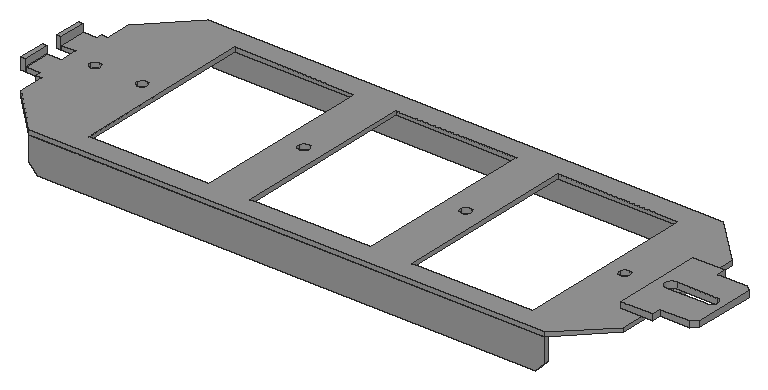
Revit family "Montageträger", category Generic Models, Revit 2017
Family settings
  Can host rebar = No
  Round Connector Dimension = Use Diameter
  Part Type = Normal
  Work Plane-Based = No
  Always vertical = Yes
  Cut with Voids When Loaded = No
  Shared = No
  Room Calculation Point = No
Parameters (values of type "MTU 3")
  Width = 76 mm
  URL = "htttp://www.obo-betterman.com"
  Material = Strip-galvanised
  Manufacturer Art.No. = "7407840"
  Manufacturer = "OBO Bettermann"
  Length = 205 mm
  GTIN = "4012195113294"
  Article Type = "MTU 3"
Reference planes
  plane 1 "Center (Front/Back)": y = 0
  plane 2: z = 0
  plane 3 "Center (Left/Right)": x = 0
  plane 4: y = 61
  plane 5: y = 15
  plane 6: y = 38
  plane 7: y = 40.962
  plane 8: y = 35
  plane 9: z = 1.4
  plane 10: y = 38
  plane 11: x = 78
  plane 12: x = 23
  plane 13: x = -32
  plane 14: y = 38
  plane 15: x = 98.8
  plane 16: y = 49
  plane 17: y = 27
  plane 18: x = 30.5
  plane 19: x = -24.5
  plane 20: x = -79.5
  plane 21: x = -95.5
  plane 22: x = 84.5
  plane 23: x = 116.207
  plane 24: y = 48.233
  plane 25: y = 27.742
  plane 26: x = 116.207
  plane 27: z = 3.4
  plane 28: z = -8.335
  plane 29: x = -84.5
  plane 30: z = -8.384
  plane 31: x = 84.5
Forms (mm)
  Extrusion 1, solid, material "Strip-galvanised" <- "Material"
    sketch origin (0, 0, 0) x (1, 0, 0) y (0, 1, 0)
      loop
        line (-87.5, 0) -> (87.5, 0) -> (102.5, 15) -> (102.5, 61) -> (87.5, 76) -> (-87.5, 76) -> (-102.5, 61) -> (-102.5, 51.994) -> (-104.5, 51.994) -> (-104.5, 50.111) -> (-109.5, 50.111) -> (-109.5, 40.962) -> (-104.5, 40.962) -> (-104.5, 35) -> (-109.5, 35) -> (-109.5, 25.924) -> (-104.5, 25.924) -> (-104.5, 24.013) -> (-102.5, 24.013) -> (-102.5, 15) -> (-87.5, 0)
    from 0 to 1.4
  Extrusion 2, solid, material "Strip-galvanised" <- "Material"
    sketch origin (0, 0, 0) x (1, 0, 0) y (0, 0, 1)
      loop
        line (-109.5, 1.4) -> (-109.5, 4) -> (-110.9, 4) -> (-110.9, 1.4) -> (-110.9, 0) -> (-109.5, 0) -> (-109.5, 1.4)
    from -35 to -25.924
  Extrusion 3, solid, material "Strip-galvanised" <- "Material"
    sketch origin (0, 0, 0) x (0, 1, 0) y (0, 0, 1)
      loop
        line (50.137, 4) -> (41.007, 4) -> (41.007, 0) -> (50.137, 0) -> (50.137, 4)
    from -110.9 to -109.5
  Extrusion 4, void
    sketch origin (0, 0, 0) x (1, 0, 0) y (0, 1, 0)
      loop
        line (-18, 69) -> (-18, 7) -> (23, 7) -> (23, 69) -> (-18, 69)
      loop
        line (37, 69) -> (37, 7) -> (78, 7) -> (78, 69) -> (37, 69)
      loop
        line (-73, 69) -> (-73, 7) -> (-32, 7) -> (-32, 69) -> (-73, 69)
    from 0 to 1.4
  Extrusion 5, void
    sketch origin (0, 0, 0) x (1, 0, 0) y (0, 1, 0)
      loop
        circle (98.8, 49) r 1.8
      loop
        circle (98.8, 38) r 1.8
      loop
        circle (98.8, 27) r 1.8
      loop
        circle (30.5, 38) r 1.8
      loop
        circle (-24.5, 38) r 1.9
      loop
        circle (-79.5, 38) r 1.8
      loop
        circle (-95.5, 38) r 1.8
      loop
        circle (84.5, 38) r 1.8
    from 0 to 1.4
  Extrusion 6, solid, material "Strip-galvanised" <- "Material"
    sketch origin (0, 0, 0) x (1, 0, 0) y (0, 1, 0)
      loop
        line (95.183, 53.25) -> (95.183, 22.75) -> (106.193, 22.75) -> (106.193, 25.742) -> (116.207, 25.742) -> (118.207, 27.742) -> (118.207, 48.233) -> (116.207, 50.233) -> (106.184, 50.233) -> (106.184, 53.25) -> (95.183, 53.25)
    from 1.4 to 3.4
  Extrusion 7, void
    sketch origin (0, 0, 0) x (1, 0, 0) y (0, 1, 0)
      loop
        arc (100.457, 40.25) -> (98.207, 38) -> (100.457, 35.75) r 2.25
        line (100.457, 35.75) -> (113.957, 35.75)
        arc (113.957, 35.75) -> (116.207, 38) -> (113.957, 40.25) r 2.25
        line (113.957, 40.25) -> (100.457, 40.25)
    from 1.4 to 3.4
  Extrusion 8, solid, material "Strip-galvanised" <- "Material"
    sketch origin (0, 0, 0) x (0, 1, 0) y (0, 0, 1)
      loop
        line (76, 0) -> (74.622, 0) -> (74.622, -11.384) -> (76, -11.384) -> (76, 0)
      loop
        line (0, 0) -> (0, -11.384) -> (1.383, -11.384) -> (1.383, 0) -> (0, 0)
    from -87.5 to 87.5
  Extrusion 9, void
    sketch origin (0, 0, 0) x (1, 0, 0) y (0, 0, 1)
      loop
        line (-87.5, -8.335) -> (-87.5, -11.384) -> (-84.451, -11.384) -> (-87.5, -8.335)
      loop
        line (87.5, -8.384) -> (84.5, -11.384) -> (87.5, -11.384) -> (87.5, -8.384)
    from -76 to 0
Cuts and joins
  Extrusion 4, Extrusion 5, Extrusion 7 cuts Extrusion 1
  Extrusion 7 cuts Extrusion 6
  Extrusion 9 cuts Extrusion 8
Dimensions and locks
  locked: Extrusion 1 sketch curve to Extrusion 1 sketch curve at 76
  locked: Extrusion 1 sketch curve to plane 4 at 15
  Extrusion 1 sketch curve to plane 5 = 15 mm
  locked: plane 4 to plane 5 at 46
  plane 6 to Extrusion 1 sketch curve = 38 mm
  locked: plane 7 to plane 6 at 2.962
  locked: plane 6 to plane 8 at 3
  locked: Extrusion 1 sketch curve to plane 6 at 2.962
  locked: plane 6 to Extrusion 1 sketch curve at 3
  locked: Extrusion 1 sketch curve to plane 6 at 12.076
  locked: plane 6 to Extrusion 1 sketch curve at 12.111
  locked: plane 6 to Extrusion 1 sketch curve at 13.994
  locked: Extrusion 1 sketch curve to plane 6 at 13.987
  locked: plane 3 "Center (Left/Right)" to Extrusion 1 sketch curve at 102.5
  locked: Extrusion 1 sketch curve to Extrusion 1 sketch curve at 212  (x2)
  Extrusion 1 sketch curve to Extrusion 1 sketch curve = 76 mm
  locked: Extrusion 1 sketch curve to Extrusion 1 sketch curve at 177.484  (x2)
  locked: Extrusion 1 sketch curve to plane 3 "Center (Left/Right)" at 87.5  (x2)
  locked: plane 3 "Center (Left/Right)" to Extrusion 1 sketch curve at 87.5  (x2)
  locked: plane 9 to Extrusion 1 at 1.4
  locked: Extrusion 2 sketch curve to Extrusion 2 sketch curve at 4
  locked: Extrusion 2 sketch curve to Extrusion 2 sketch curve at 1.4
  locked: Extrusion 2 sketch curve to Extrusion 1 at 1.4
  locked: Extrusion 1 to Extrusion 3 sketch curve at 4
  locked: Extrusion 3 sketch curve to Extrusion 3 sketch curve at 9.13
  locked: Extrusion 3 sketch curve to plane 1 "Center (Front/Back)" at 50.137
  Extrusion 3 sketch curve to Extrusion 2 = 6.007 mm
  locked: Extrusion 1 to plane 10 at 38
  locked: Extrusion 4 sketch curve to Extrusion 4 sketch curve at 62  (x3)
  locked: Extrusion 4 sketch curve to plane 10 at 31
  locked: Extrusion 4 sketch curve to Extrusion 4 sketch curve at 41  (x3)
  locked: plane 11 to Extrusion 1 at 24.5
  locked: plane 10 to Extrusion 4 sketch curve at 31  (x2)
  locked: plane 12 to Extrusion 4 sketch curve at 14
  locked: Extrusion 4 sketch curve to Extrusion 4 sketch curve at 14  (x2)
  Extrusion 4 sketch curve to Extrusion 1 = 24.5 mm
  plane 13 to Extrusion 4 sketch curve = 14 mm
  plane 13 to Extrusion 4 sketch curve = 55 mm
  Extrusion 4 sketch curve to Extrusion 4 sketch curve = 55 mm
  Extrusion 4 sketch curve to Extrusion 1 = 175.5 mm
  Extrusion 1 to Extrusion 4 sketch curve = 7 mm
  locked: cut or joined group of Extrusion 1, Extrusion 4, Extrusion 5, Extrusion 7 to plane 14 at 38
  locked: plane 15 to cut or joined group of Extrusion 1, Extrusion 4, Extrusion 5, Extrusion 7 at 3.7
  locked: plane 16 to plane 14 at 11
  locked: plane 14 to plane 17 at 11
  locked: plane 18 to cut or joined group of Extrusion 1, Extrusion 4, Extrusion 5, Extrusion 7 at 6.5
  locked: plane 19 to cut or joined group of Extrusion 1, Extrusion 4, Extrusion 5, Extrusion 7 at 6.5
  locked: plane 20 to cut or joined group of Extrusion 1, Extrusion 4, Extrusion 5, Extrusion 7 at 6.5
  locked: cut or joined group of Extrusion 1, Extrusion 4, Extrusion 5, Extrusion 7 to plane 21 at 7
  locked: cut or joined group of Extrusion 1, Extrusion 4, Extrusion 5, Extrusion 7 to plane 22 at 6.5
  locked: cut or joined group of Extrusion 1, Extrusion 4, Extrusion 5, Extrusion 7 to cut or joined group of Extrusion 1, Extrusion 4, Extrusion 5, Extrusion 7 at 19.8
  locked: cut or joined group of Extrusion 1, Extrusion 4, Extrusion 5, Extrusion 7 to cut or joined group of Extrusion 1, Extrusion 4, Extrusion 5, Extrusion 7 at 5.5  (x3)
  locked: cut or joined group of Extrusion 1, Extrusion 4, Extrusion 5, Extrusion 7 to cut or joined group of Extrusion 1, Extrusion 4, Extrusion 5, Extrusion 7 at 73.8
  locked: cut or joined group of Extrusion 1, Extrusion 4, Extrusion 5, Extrusion 7 to cut or joined group of Extrusion 1, Extrusion 4, Extrusion 5, Extrusion 7 at 128.9
  locked: cut or joined group of Extrusion 1, Extrusion 4, Extrusion 5, Extrusion 7 to cut or joined group of Extrusion 1, Extrusion 4, Extrusion 5, Extrusion 7 at 183.8
  locked: cut or joined group of Extrusion 1, Extrusion 4, Extrusion 5, Extrusion 7 to cut or joined group of Extrusion 1, Extrusion 4, Extrusion 5, Extrusion 7 at 8.8
  Extrusion 6 sketch curve to Extrusion 6 sketch curve = 30.5 mm
  locked: Extrusion 6 sketch curve to plane 14 at 15.25  (x2)
  locked: Extrusion 6 sketch curve to Extrusion 6 sketch curve at 11.001
  Extrusion 6 sketch curve to Extrusion 6 sketch curve = 11.01 mm
  locked: plane 23 to Extrusion 6 sketch curve at 2
  plane 26 to Extrusion 6 sketch curve = 2 mm
  locked: Extrusion 6 sketch curve to Extrusion 6 sketch curve at 23.024
  Extrusion 6 sketch curve to Extrusion 6 sketch curve = 11.001 mm
  locked: Extrusion 6 sketch curve to Extrusion 6 sketch curve at 11.01
  locked: plane 27 to cut or joined group of Extrusion 1, Extrusion 4, Extrusion 5, Extrusion 7 at 2
  locked: plane 14 to Extrusion 7 sketch curve at 2.25
  locked: Extrusion 7 sketch curve to Extrusion 7 sketch curve at 4.5
  locked: Extrusion 7 sketch curve to Extrusion 6 at 2
  locked: Extrusion 7 sketch curve to Extrusion 6 at 20
  Extrusion 6 to Extrusion 7 sketch curve = 9.983 mm
  locked: Extrusion 8 sketch curve to Extrusion 8 sketch curve at 1.378
  locked: Extrusion 8 sketch curve to Extrusion 8 sketch curve at 1.383
  locked: Extrusion 8 sketch curve to cut or joined group of Extrusion 1, Extrusion 4, Extrusion 5, Extrusion 7 at 11.384
  cut or joined group of Extrusion 1, Extrusion 4, Extrusion 5, Extrusion 7 to Extrusion 8 sketch curve = 11.384 mm
  locked: cut or joined group of Extrusion 1, Extrusion 4, Extrusion 5, Extrusion 7 to Extrusion 8 sketch curve at 11.384
  locked: plane 28 to Extrusion 8 at 3.049
  locked: Extrusion 8 to plane 29 at 3
  locked: plane 30 to Extrusion 8 at 3
  locked: Extrusion 8 to plane 31 at 3
  diameter of Extrusion 5 sketch curve = 3.6 mm  (x7)
  diameter of Extrusion 5 sketch curve = 3.8 mm
  angle Extrusion 1 sketch curve to plane 4 = 45.00°
  angle plane 5 to Extrusion 1 sketch curve = 45.00°
  aligned and locked: level to plane 2
  aligned and locked: plane 1 "Center (Front/Back)" to Extrusion 1
  aligned and locked: Extrusion 1 to level
  aligned and locked: plane 9 to Extrusion 1
  aligned and locked: Extrusion 2 sketch curve to Extrusion 2 sketch curve
  aligned and locked: Extrusion 2 sketch curve to level
  aligned and locked: Extrusion 2 to Extrusion 1
  aligned and locked: Extrusion 1 to Extrusion 2
  aligned and locked: level to Extrusion 3 sketch curve
  aligned and locked: Extrusion 2 to Extrusion 3
  aligned and locked: Extrusion 3 to Extrusion 1
  aligned and locked: Extrusion 4 to level
  aligned and locked: Extrusion 1 to Extrusion 4
  aligned and locked: Extrusion 5 to level
  aligned and locked: Extrusion 1 to Extrusion 5
  aligned and locked: Extrusion 6 to plane 9
  aligned and locked: plane 27 to Extrusion 6
  aligned and locked: Extrusion 7 to Extrusion 1
  aligned and locked: plane 27 to Extrusion 7
  aligned and locked: cut or joined group of Extrusion 1, Extrusion 4, Extrusion 5, Extrusion 7 to Extrusion 8 sketch curve
  aligned and locked: Extrusion 8 to cut or joined group of Extrusion 1, Extrusion 4, Extrusion 5, Extrusion 7  (x2)
  aligned and locked: Extrusion 9 sketch curve to Extrusion 8  (x4)
  aligned and locked: Extrusion 9 to cut or joined group of Extrusion 1, Extrusion 4, Extrusion 5, Extrusion 7
  aligned and locked: cut or joined group of Extrusion 1, Extrusion 4, Extrusion 5, Extrusion 7 to Extrusion 9
Automatic sketch dimensions
  Extrusion 1 sketch curve to plane 5 = 0 mm
  Extrusion 1 sketch curve to plane 4 = 0 mm
  Extrusion 1 sketch curve to Extrusion 1 sketch curve = 2 mm  (x2)
  Extrusion 1 sketch curve to Extrusion 1 sketch curve = 5 mm
  Extrusion 2 sketch curve to plane 9 = 0 mm  (x2)
  Extrusion 5 sketch curve to plane 14 = 0 mm  (x6)
  Extrusion 5 sketch curve to plane 21 = 0 mm
  Extrusion 5 sketch curve to plane 20 = 0 mm
  Extrusion 5 sketch curve to plane 19 = 0 mm
  Extrusion 5 sketch curve to plane 18 = 0 mm
  Extrusion 5 sketch curve to plane 15 = 0 mm  (x3)
  Extrusion 5 sketch curve to plane 17 = 0 mm
  Extrusion 5 sketch curve to plane 16 = 0 mm
  Extrusion 6 sketch curve to plane 23 = 0 mm  (x2)
  Extrusion 6 sketch curve to plane 25 = 0 mm
  Extrusion 6 sketch curve to plane 24 = 0 mm
  Extrusion 6 sketch curve to plane 17 = 1.258 mm
  plane 16 to Extrusion 6 sketch curve = 1.233 mm
  Extrusion 5 sketch curve to plane 22 = 0 mm
  Extrusion 8 sketch curve to plane 1 "Center (Front/Back)" = 0 mm
  Extrusion 8 sketch curve to level = 0 mm
  plane 16 to Extrusion 8 sketch curve = 25.622 mm
  Extrusion 9 sketch curve to plane 31 = 0 mm
  Extrusion 9 sketch curve to plane 30 = 0 mm
  Extrusion 9 sketch curve to plane 28 = 0 mm
  plane 29 to Extrusion 9 sketch curve = 0.049 mm
